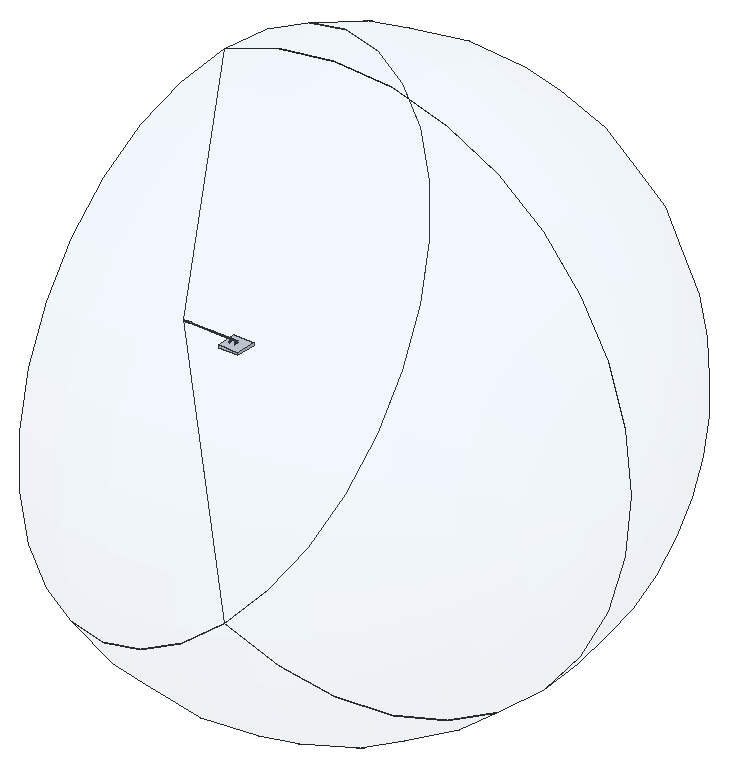
Revit family "Sistemas de captación_DAT CONTROLER PLUS", category Equipos especializados, Revit 2017
Family settings
  Anfitrión = Cara
  Cota de conector redondo = Diámetro de uso
  Tipo de pieza = Normal
  Corte con vacíos al cargar = No
  Compartido = No
  Punto de cálculo de habitación = No
Parameters
  URL Pieza de adaptación [instance] = "https://at3w.com/upload/pdf_producto/AT-011A_E.PDF"
  URL Mástil [instance] = "https://at3w.com/upload/pdf_producto/AT-056A_E.PDF"
  URL Dat Controler Plus [instance] = "https://at3w.com/upload/pdf_producto/AT-1515_E.PDF"
  URL Anclaje [instance] = "https://at3w.com/upload/pdf_producto/AT-013B_E.PDF"
  URL = "https://at3w.com/"
  Tiempo de avance [instance] = if(Referencia = AT 1515, 15, if(Referencia = AT 1530, 30, if(Referencia = AT 1545, 45, 60)))  # 15
  Referencia AT [instance] = if(Referencia = AT 1515, "AT-1515", if(Referencia = AT 1530, "AT-1530", if(Referencia = AT 1545, "AT-1545", "AT-1560")))  # "AT-1515"
  E [instance] = sqrt(D AL ^ 2 - (D - 5000 mm) ^ 2)  # 31622.777 mm
  Model = ""
  Fabricante = "APLICACIONES TECNOLÓGICAS"  # constant formula
  D AL [instance] = D + AL  # 35000 mm
  D [instance] = if(Nivel de protección = Nivel de protección I, 20000 mm, if(Nivel de protección = Nivel de protección II, 30000 mm, if(Nivel de protección = Nivel de protección III, 45000 mm, 60000 mm)))  # 20000 mm
  Volumen de protección [instance] = yes
  Código de montaje = "1"
  AT 1560 [instance] = Referencia : AT-1560
  AT 1545 [instance] = Referencia : AT-1545
  AT 1530 [instance] = Referencia : AT-1530
  AT 1515 [instance] = Referencia : AT-1515
  Referencia [instance] = Referencia : AT-1515
  Radio de protección [instance] = if(and(Nivel de protección = Nivel de protección I, Referencia = AT 1515), 32000 mm, if(and(Nivel de protección = Nivel de protección I, Referencia = AT 1530), 48000 mm, if(and(Nivel de protección = Nivel de protección I, Referencia = AT 1545), 63000 mm, if(and(Nivel de protección = Nivel de protección I, Referencia = AT 1560), 79000 mm, if(and(Nivel de protección = Nivel de protección II, Referencia = AT 1515), 38000 mm, if(and(Nivel de protección = Nivel de protección II, Referencia = AT 1530), 55000 mm, if(and(Nivel de protección = Nivel de protección II, Referencia = AT 1545), 71000 mm, if(and(Nivel de protección = Nivel de protección II, Referencia = AT 1560), 87000 mm, if(and(Nivel de protección = Nivel de protección III, Referencia = AT 1515), 46000 mm, if(and(Nivel de protección = Nivel de protección III, Referencia = AT 1530), 64000 mm, if(and(Nivel de protección = Nivel de protección III, Referencia = AT 1545), 81000 mm, if(and(Nivel de protección = Nivel de protección III, Referencia = AT 1560), 97000 mm, if(and(Nivel de protección = Nivel de protección IV, Referencia = AT 1515), 52000 mm, if(and(Nivel de protección = Nivel de protección IV, Referencia = AT 1530), 72000 mm, if(and(Nivel de protección = Nivel de protección IV, Referencia = AT 1545), 90000 mm, 107000 mm)))))))))))))))  # 32000 mm
  Nivel de protección IV [instance] = Nivel de protección : IV
  Nivel de protección III [instance] = Nivel de protección : III
  Nivel de protección II [instance] = Nivel de protección : II
  Nivel de protección I [instance] = Nivel de protección : I
  Nivel de protección [instance] = Nivel de protección : I
  Default Elevation = 1219.2 mm
  AL [instance] = if(Tiempo de avance = 15, 15000 mm, if(Tiempo de avance = 30, 30000 mm, if(Tiempo de avance = 45, 45000 mm, 60000 mm)))  # 15000 mm
Reference planes
  plane 1 "Centro (Frontal/Posterior)": y = 0
  plane 2: z = 0
  plane 3 "Centro (Izquierda/Derecha)": x = 0
Forms (mm)
  Extrusion 1, solid
    sketch origin (0, 0, 0) x (1, 0, 0) y (0, 1, 0)
      loop
        line (-1219.2, 1219.2) -> (-1219.2, -1219.2) -> (1219.2, -1219.2) -> (1219.2, 1219.2) -> (-1219.2, 1219.2)
    from 0 to -304.8
  Revolve 2, solid, material "Volumen de protección", visible <- "Volumen de protección"
    sketch origin (0, 0, 0) x (1, 0, 0) y (0, 0, 1)
      loop
        line (-6433.198, 309.1) -> (-1433.198, -31313.677)
        arc (-1433.198, -31313.677) -> (32275.089, -29271.299) -> (48566.802, 309.1) r 35000
        line (48566.802, 309.1) -> (-6433.198, 309.1)
      axis (-6433.198, 309.1) -> (48566.802, 309.1)
    angle from 0 to 360
Dimensions and locks
  "D": nested 4 to Revolve 2 sketch curve
  "E": Revolve 2 sketch curve to Revolve 2 sketch curve
  "D AL": radius of Revolve 2 sketch curve
  aligned and locked: plane 2 to Extrusion 1
  aligned and locked: level to Extrusion 1
  aligned and locked: nested 1 to Extrusion 1
  aligned and locked: nested 1 to plane 3 "Centro (Izquierda/Derecha)"
  aligned and locked: plane 1 "Centro (Frontal/Posterior)" to nested 1
Automatic sketch dimensions
  Extrusion 1 sketch curve to Extrusion 1 sketch curve = 2438.4 mm  (x2)
  Revolve 2 sketch curve to plane 3 "Centro (Izquierda/Derecha)" = 1433.198 mm
  level to Revolve 2 sketch curve = 309.1 mm  (x2)
  Revolve 2 sketch curve to plane 3 "Centro (Izquierda/Derecha)" = 6433.198 mm
  Revolve 2 sketch curve to Revolve 2 sketch curve = 900 mm
  Revolve 2 sketch curve to Revolve 2 sketch curve = 0 mm
Nested families
  nested 1: "Anclaje" at (0, 0, 0) x (0, -1, 0) z (0, 0, 1), type "Anclaje"
    with Referencia AT "AT-023B", Peso (kg) 6, Modelo Anclaje "Anclaje en U de 30 cm atornillado a la pared", Material Acero galvanizado, Incluye "2 soportes", Dimensiones (mm) "2 x (50 x 400 x 290)"
  nested 2: "Mástil" at (119.802, 0, 290), type "Mástil"
    with Referencia AT "AT-056A", Peso (kg) 20, Modelo Mástil "Mástil de 6 m (2 secciones)", Material Acero galvanizado, Incluye "2 secciones x 3 m", Dimensiones "Ø1 1/2'' x 6 m"
  nested 3: "Pieza de adaptación" at (-5832.198, 0, 290.05), type "Pieza de adaptación"
    with Rosca "M20", Referencia AT "AT-011A", Rango de conductores - Ø (mm) "8 - 10", Rango de conductores - mm2 "50 - 70", Rango de conductores - Pletina (mm) "30 x 2 - 30 x 3,5", Peso (g) 655, Mástil "1 1/2''", Material Latón, Dimensiones "Ø48 x 70"
  nested 4: "Pararrayos con dispositivo de cebado_DAT CONTROLER PLUS" at (-5882.198, 0, 309.1), type "Pararrayos con dispositivo de cebado_DAT CONTROLER PLUS"
    with Tipo de dispositivo de cebado "Electropulsante (emisor de impulsos)", Temperatura de trabajo "-25 ºC a 88 ºC", Peso (kg) 3.8, Material Acero inox., Fijación "Rosca macho M20", Estanqueidad "IP67", Aislante interno "Resina de poliuretano"
Definition of nested family "Anclaje"
  Parameters (values of type "Anclaje")
    URL = "https://at3w.com/"
    Referencia AT [instance] = "AT-023B"  # constant formula
    Peso (kg) [instance] = 6  # constant formula
    Modelo Anclaje [instance] = "Anclaje en U de 30 cm atornillado a la pared"  # constant formula
    Model = ""
    Material [instance] = none
    Incluye [instance] = "2 soportes"  # constant formula
    Manufacturer = "APLICACIONES TECNOLÓGICAS"  # constant formula
    Default Elevation = 1219.2 mm
    Dimensiones (mm) [instance] = "2 x (50 x 400 x 290)"  # constant formula
    Description = "Sistema de anclaje en U de 30 cm de longitud, fabricado en acero de 8 mm de espesor y galvanizado en caliente. Para fijación con tornillos en pared. (2 soportes) Ref. AT-023B"  # constant formula
    Assembly Code = "1.4"
  Reference planes
    plane 1 "Centro (Frontal/Posterior)": y = 0
    plane 2: z = 0
    plane 3 "Centro (Izquierda/Derecha)": x = 0
    plane 4: x = -200
    plane 5: x = 200
    plane 6: z = 290
    plane 7: y = -50
    plane 8: y = -650
  Forms (mm)
    Extrusion 1, solid, material <- "Material"
      sketch origin (0, 0, 0) x (1, 0, 0) y (0, 0, 1)
        loop
          line (-200, 0) -> (-149.482, 0) -> (-94.084, 285) -> (94.084, 285) -> (149.482, 0) -> (200, 0) -> (200, 5) -> (153.604, 5) -> (98.205, 290) -> (-98.205, 290) -> (-153.604, 5) -> (-200, 5) -> (-200, 0)
      from 0 to 50
    Extrusion 2, solid, material <- "Material"
      sketch origin (0, 0, 0) x (1, 0, 0) y (0, 0, 1)
        loop
          line (-98.205, 290) -> (-48.205, 290) -> (0, 335.314) -> (48.205, 290) -> (98.205, 290) -> (98.205, 295) -> (50.187, 295) -> (0, 342.176) -> (-50.187, 295) -> (-98.205, 295) -> (-98.205, 290)
      from 0 to 50
    Extrusion 3, void
      sketch origin (0, 0, 0) x (0, -1, 0) y (1, 0, 0)
        loop
          circle (25, -176.802) r 5
        loop
          circle (25, 176.802) r 5
      from -11.889 to 10.622
    Extrusion 4, solid, material <- "Material"
      sketch origin (0, 0, 184.223) x (0, -1, 0) y (1, 0, 0)
        loop
          line (25, 64.196) -> (33.66, 69.196) -> (33.66, 79.196) -> (25, 84.196) -> (16.34, 79.196) -> (16.34, 69.196) -> (25, 64.196)
        loop
          line (25, -64.196) -> (16.34, -69.196) -> (16.34, -79.196) -> (25, -84.196) -> (33.66, -79.196) -> (33.66, -69.196) -> (25, -64.196)
      from 113.8 to 110.777
    Extrusion 5, solid, material <- "Material"
      sketch origin (0, 0, 184.223) x (0, -1, 0) y (1, 0, 0)
        loop
          line (25, 64.196) -> (33.66, 69.196) -> (33.66, 79.196) -> (25, 84.196) -> (16.34, 79.196) -> (16.34, 69.196) -> (25, 64.196)
        loop
          circle (25, 74.196) r 5
        loop
          line (25, -84.196) -> (33.66, -79.196) -> (33.66, -69.196) -> (25, -64.196) -> (16.34, -69.196) -> (16.34, -79.196) -> (25, -84.196)
        loop
          circle (25, -74.196) r 5
      from 100.777 to 97.8
    Extrusion 6, solid, material <- "Material"
      sketch origin (0, 0, 184.223) x (0, -1, 0) y (1, 0, 0)
        loop
          circle (25, 74.196) r 5
        loop
          circle (25, -74.196) r 5
      from 100.777 to 90.8
    Extrusion 7, solid, material <- "Material"
      sketch origin (0, -650, 0) x (1, 0, 0) y (0, 0, 1)
        loop
          line (-200, 0) -> (-149.482, 0) -> (-94.084, 285) -> (94.084, 285) -> (149.482, 0) -> (200, 0) -> (200, 5) -> (153.604, 5) -> (98.205, 290) -> (-98.205, 290) -> (-153.604, 5) -> (-200, 5) -> (-200, 0)
      from 0 to 50
    Extrusion 8, solid, material <- "Material"
      sketch origin (0, -650, 0) x (1, 0, 0) y (0, 0, 1)
        loop
          line (-98.205, 290) -> (-48.205, 290) -> (0, 335.314) -> (48.205, 290) -> (98.205, 290) -> (98.205, 295) -> (50.187, 295) -> (0, 342.176) -> (-50.187, 295) -> (-98.205, 295) -> (-98.205, 290)
      from 0 to 50
    Extrusion 9, void
      sketch origin (0, -650, 0) x (0, -1, 0) y (1, 0, 0)
        loop
          circle (25, -176.802) r 5
        loop
          circle (25, 176.802) r 5
      from -11.889 to 10.622
    Extrusion 10, solid, material <- "Material"
      sketch origin (0, -650, 184.223) x (0, -1, 0) y (1, 0, 0)
        loop
          line (25, 64.196) -> (33.66, 69.196) -> (33.66, 79.196) -> (25, 84.196) -> (16.34, 79.196) -> (16.34, 69.196) -> (25, 64.196)
        loop
          line (25, -64.196) -> (16.34, -69.196) -> (16.34, -79.196) -> (25, -84.196) -> (33.66, -79.196) -> (33.66, -69.196) -> (25, -64.196)
      from 113.8 to 110.777
    Extrusion 11, solid, material <- "Material"
      sketch origin (0, -650, 184.223) x (0, -1, 0) y (1, 0, 0)
        loop
          line (25, 64.196) -> (33.66, 69.196) -> (33.66, 79.196) -> (25, 84.196) -> (16.34, 79.196) -> (16.34, 69.196) -> (25, 64.196)
        loop
          circle (25, 74.196) r 5
        loop
          line (25, -84.196) -> (33.66, -79.196) -> (33.66, -69.196) -> (25, -64.196) -> (16.34, -69.196) -> (16.34, -79.196) -> (25, -84.196)
        loop
          circle (25, -74.196) r 5
      from 97.8 to 100.777
    Extrusion 12, solid, material <- "Material"
      sketch origin (0, -650, 184.223) x (0, -1, 0) y (1, 0, 0)
        loop
          circle (25, 74.196) r 5
        loop
          circle (25, -74.196) r 5
      from 100.777 to 90.8
  Cuts and joins
    Extrusion 3, Extrusion 9 cuts Extrusion 1
    Extrusion 9 cuts Extrusion 7
  Dimensions and locks
    locked: plane 4 to plane 5 at 400
    plane 6 to level = 290 mm
    locked: plane 8 to plane 7 at 600
    aligned and locked: level to plane 2
    aligned and locked: Extrusion 2 sketch curve to Extrusion 1
    aligned and locked: Extrusion 4 to Extrusion 2
    aligned and locked: cut or joined group of Extrusion 1, Extrusion 3, Extrusion 9 to Extrusion 5
    aligned and locked: cut or joined group of Extrusion 1, Extrusion 3, Extrusion 9 to Extrusion 6
    aligned and locked: Extrusion 8 sketch curve to Extrusion 7
    aligned and locked: Extrusion 10 to Extrusion 8
    aligned and locked: Extrusion 12 to cut or joined group of Extrusion 7, Extrusion 9
    aligned and locked: Extrusion 11 to Extrusion 12
Definition of nested family "Mástil"
  Parameters (values of type "Mástil")
    URL = "https://at3w.com/"
    Referencia AT [instance] = "AT-056A"  # constant formula
    Peso (kg) [instance] = 20  # constant formula
    Modelo Mástil [instance] = "Mástil de 6 m (2 secciones)"  # constant formula
    Model = ""
    Material [instance] = none
    Incluye [instance] = "2 secciones x 3 m"  # constant formula
    Manufacturer = "APLICACIONES TECNOLÓGICAS"  # constant formula
    Default Elevation = 1219.2 mm
    Dimensiones [instance] = "Ø1 1/2'' x 6 m"  # constant formula
    Description = "Mástil de acero galvanizado en caliente, de 6 mts de longitud (2 tramos de 3m) y 1½'' de diámetro. Para fijación a muro o estructura. Ref. AT-056A. NOTA: SE DEBERAN AÑADIR 6 METROS DE CONDUCTOR."  # constant formula
    Assembly Code = "1.3"
  Reference planes
    plane 1 "Centro (Frontal/Posterior)": y = 0
    plane 2: z = 0
    plane 3 "Centro (Izquierda/Derecha)": x = 0
    plane 4: z = 38.2
  Forms (mm)
    Extrusion 1, solid
      sketch origin (0, 0, 19.1) x (0, 0, 1) y (0, 1, 0)
        loop
          circle (0, 0) r 19.1
      from 0 to 6000
    Extrusion 2, solid
      sketch origin (0, 0, 19.1) x (0, 1, 0) y (-1, 0, 0)
        loop
          line (10, 3031.262) -> (5, 3039.922) -> (-5, 3039.922) -> (-10, 3031.262) -> (-5, 3022.602) -> (5, 3022.602) -> (10, 3031.262)
        loop
          line (10, 3081.262) -> (5, 3089.922) -> (-5, 3089.922) -> (-10, 3081.262) -> (-5, 3072.602) -> (5, 3072.602) -> (10, 3081.262)
      from 19.1 to 22.1
    Extrusion 3, solid
      sketch origin (0, 0, 19.1) x (0, 1, 0) y (-1, 0, 0)
        loop
          circle (0, 3031.262) r 5
        loop
          circle (0, 3081.262) r 5
      from -19.1 to -26.1
    Extrusion 4, solid
      sketch origin (0, 0, 19.1) x (0, 1, 0) y (-1, 0, 0)
        loop
          line (10, 3031.262) -> (5, 3039.922) -> (-5, 3039.922) -> (-10, 3031.262) -> (-5, 3022.602) -> (5, 3022.602) -> (10, 3031.262)
        loop
          line (10, 3081.262) -> (5, 3089.922) -> (-5, 3089.922) -> (-10, 3081.262) -> (-5, 3072.602) -> (5, 3072.602) -> (10, 3081.262)
        loop
          circle (0, 3081.262) r 5
        loop
          circle (0, 3031.262) r 5
      from -19.1 to -22.1
  Dimensions and locks
    aligned and locked: level to plane 2
    aligned and locked: plane 4 to Extrusion 2
Definition of nested family "Pieza de adaptación"
  Parameters (values of type "Pieza de adaptación")
    URL = "https://at3w.com/"
    Rosca [instance] = "M20"  # constant formula
    Referencia AT [instance] = "AT-011A"  # constant formula
    Rango de conductores - Ø (mm) [instance] = "8 - 10"  # constant formula
    Rango de conductores - mm2 [instance] = "50 - 70"  # constant formula
    Rango de conductores - Pletina (mm) [instance] = "30 x 2 - 30 x 3,5"  # constant formula
    Peso (g) [instance] = 655  # constant formula
    Mástil [instance] = "1 1/2''"  # constant formula
    Model = ""
    Material [instance] = none
    Manufacturer = "APLICACIONES TECNOLÓGICAS"  # constant formula
    Default Elevation = 1219.2 mm
    Dimensiones [instance] = "Ø48 x 70"  # constant formula
    Description = "Pieza de adaptación de latón para unión entre pararrayos, mástil de 1½'' y bajante interior de cable de Ø8 a 10 mm ó pletina de 30 x 2 mm. Ref. AT-011A"  # constant formula
    Assembly Code = "1.2"
  Reference planes
    plane 1 "Centro (Frontal/Posterior)": y = 0
    plane 2: z = 0
    plane 3 "Centro (Izquierda/Derecha)": x = 0
    plane 4: x = -70
    plane 5: x = -50
  Forms (mm)
    Revolve 1, solid, material <- "Material"
      sketch origin (0, 0, 19.05) x (0, 0, 1) y (-1, 0, 0)
        loop
          line (-12, 70) -> (-13.5, 70) -> (-24, 50) -> (-24, 48) -> (-18.07, 48) -> (-18.07, 0) -> (0, 0) -> (0, 20) -> (-12, 20) -> (-12, 70)
        axis (0, 70) -> (0, 0)
      angle from 0 to 360
    Extrusion 2, void
      sketch origin (0, 0, 19.05) x (0, 0, 1) y (-1, 0, 0)
        loop
          circle (0, 38.114) r 3
      from -36.086 to 32.704
    Extrusion 3, void
      sketch origin (0, 0, 20.741) x (0, 1, 0) y (-1, 0, 0)
        loop
          circle (0, 38.114) r 3
      from -36.086 to 32.704
    Extrusion 4, void
      sketch origin (0, 0, 19.05) x (0, 0, 1) y (-1, 0, 0)
        loop
          line (-37.447, 0) -> (-15, 0) -> (-15, 30) -> (-37.447, 30) -> (-37.447, 0)
        loop
          line (37.447, 0) -> (37.447, 30) -> (14.946, 30) -> (14.946, 0) -> (37.447, 0)
      from -35.24 to 30.906
    Extrusion 5, solid
      sketch origin (0, 0, 19.05) x (0, 1, 0) y (-1, 0, 0)
        loop
          line (4.674, 22.688) -> (2.337, 26.736) -> (-2.337, 26.736) -> (-4.674, 22.688) -> (-2.337, 18.639) -> (2.337, 18.639) -> (4.674, 22.688)
        loop
          line (4.674, 7.688) -> (2.337, 11.736) -> (-2.337, 11.736) -> (-4.674, 7.688) -> (-2.337, 3.639) -> (2.337, 3.639) -> (4.674, 7.688)
      from 15.9 to 17.9
    Extrusion 6, solid
      sketch origin (0, 0, 19.05) x (0, 1, 0) y (-1, 0, 0)
        loop
          circle (0, 22.688) r 3
        loop
          circle (0, 7.688) r 3
      from 14.946 to 15.9
    Extrusion 7, solid
      sketch origin (0, 0, 19.05) x (1, 0, 0) y (0, 1, 0)
        loop
          line (-22.688, 4.674) -> (-26.736, 2.337) -> (-26.736, -2.337) -> (-22.688, -4.674) -> (-18.639, -2.337) -> (-18.639, 2.337) -> (-22.688, 4.674)
        loop
          line (-7.688, 4.674) -> (-11.736, 2.337) -> (-11.736, -2.337) -> (-7.688, -4.674) -> (-3.639, -2.337) -> (-3.639, 2.337) -> (-7.688, 4.674)
      from -16 to -18
    Extrusion 8, solid
      sketch origin (0, 0, 19.05) x (1, 0, 0) y (0, 1, 0)
        loop
          circle (-22.688, 0) r 3
        loop
          circle (-7.688, 0) r 3
      from -15 to -16
  Cuts and joins
    Extrusion 2, Extrusion 3, Extrusion 4 cuts Revolve 1
  Dimensions and locks
    aligned and locked: level to plane 2
    aligned and locked: Extrusion 5 to Extrusion 6
    aligned and locked: Extrusion 8 to Extrusion 7
    aligned and locked: Extrusion 8 to cut or joined group of Revolve 1, Extrusion 2, Extrusion 3, Extrusion 4
Definition of nested family "Pararrayos con dispositivo de cebado_DAT CONTROLER PLUS"
  Parameters (values of type "Pararrayos con dispositivo de cebado_DAT CONTROLER PLUS")
    URL = "https://at3w.com/"
    Tipo de dispositivo de cebado [instance] = "Electropulsante (emisor de impulsos)"  # constant formula
    Temperatura de trabajo [instance] = "-25 ºC a 88 ºC"  # constant formula
    Peso (kg) [instance] = 3.8  # constant formula
    Model = ""
    Material [instance] = none
    Fijación [instance] = "Rosca macho M20"  # constant formula
    Manufacturer = "APLICACIONES TECNOLÓGICAS"  # constant formula
    Estanqueidad [instance] = "IP67"  # constant formula
    Default Elevation = 1219.2 mm
    Description = "Pararrayos con dispositivo de cebado electropulsante de APLICACIONES TECNOLÓGICAS, modelo DAT CONTROLER PLUS, con Certificación de Producto AENOR y Certificado de funcionamiento en condiciones de lluvia, con impulsos tipo rayo, maniobra y con tensión continua, según UNE-EN 60060."  # constant formula
    Assembly Code = "1.1"
    Aislante interno [instance] = "Resina de poliuretano"  # constant formula
  Reference planes
    plane 1 "Centro (Frontal/Posterior)": y = 0
    plane 2: z = 0
    plane 3 "Centro (Izquierda/Derecha)": x = 0
    plane 4: x = -551
  Forms (mm)
    Revolve 1, solid, material <- "Material"
      sketch origin (0, 0, 0) x (0, 0, 1) y (-1, 0, 0)
        loop
          line (-38, 146) -> (-60, 128) -> (-60, 126) -> (-14, 126) -> (-14, 20) -> (-12, 20) -> (-12, 0) -> (0, 0) -> (0, 551) -> (-14, 441) -> (-14, 416) -> (-15.5, 416)
          arc (-15.5, 416) -> (-22.708, 410.036) -> (-27.5, 402) r 27.5
          line (-27.5, 402) -> (-38, 300) -> (-38, 146)
        axis (0, 551) -> (0, 0)
      angle from 0 to 360
  Dimensions and locks
    plane 3 "Centro (Izquierda/Derecha)" to plane 4 = 551 mm
    aligned and locked: level to plane 2
